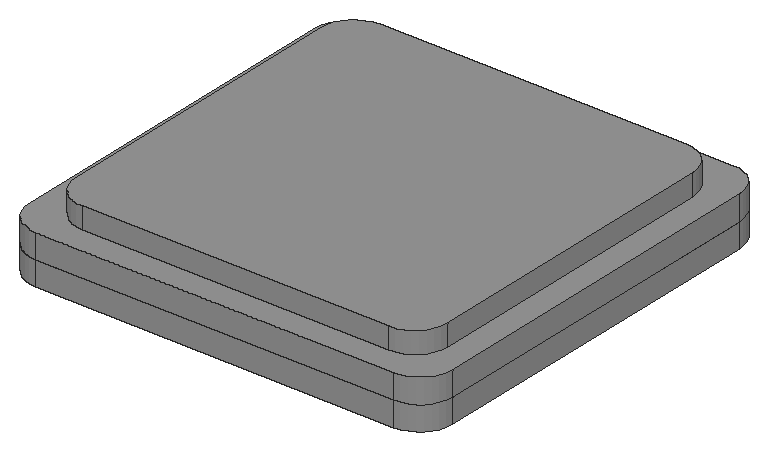
Revit family "FMS2_63_UN_Surface-mounted_ETK", category Lighting Fixtures, Revit 2019 (continued)
Definition of nested family "FMS.2 - Lightsource"
  Types (14, lengths in mm): name | Wattage Comments | Wattage | built-in parameter 1150134 | Photometric Web File | built-in parameter 1150142 | built-in parameter 1150105 | Lumens | built-in parameter 1150107 | built-in parameter 1150106 | Apparent Load
      917\t123.2377\t116.8268\t110.5018\t104.1768\t97.9949\t91.9274\t85.9745\t80.136\t74.3834\r\n69.2032\t64.2519\t59.3579\t54.5211\t49.7416\t42.1573\t24.6733\t7.1321\t0\t0\r\n0\r\n985.6728\t985.1004\t984.528\t983.9556\t983.3832\t982.8108\t982.2384\t981.3798\t980.5212\t979.6626\r\n978.804\t977.6592\t976.2282\t974.7972\t973.3662\t971.9352\t970.5042\t969.0732\t967.356\t965.925\r\n964.2078\t962.4906\t960.4872\t958.1976\t956.1942\t953.9046\t951.615\t948.753\t946.1772\t943.8876\r\n941.598\t938.736\t935.874\t933.012\t930.4362\t927.5742\t924.9984\t921.564\t918.4158\t914.9814\r\n911.8332\t908.3988\t904.6782\t901.2438\t897.5232\t893.8026\t890.3682\t886.6476\t882.6408\t878.9202\r\n875.1996\t871.1928\t867.186\t862.893\t858.3138\t853.4484\t848.2968\t843.4314\t838.2798\t833.4144\r\n828.2628\t823.3974\t818.2458\t812.808\t807.3702\t801.9324\t796.7808\t791.343\t785.619\t779.895\r\n774.4572\t769.0194\t763.0092\t757.2852\t751.5612\t745.8372\t739.827\t734.103\t728.0928\t722.0826\r\n716.0724\t710.0622\t704.052\t698.0418\t692.0316\t685.7352\t679.725\t673.4286\t667.1322\t660.5496\r\n654.2532\t647.9568\t641.6604\t635.364\t628.4952\t621.3402\t613.899\t606.744\t599.589\t592.434\r\n585.279\t577.5516\t570.1104\t562.9554\t555.8004\t548.3592\t540.6318\t533.1906\t525.7494\t518.5944\r\n511.1532\t503.712\t496.2708\t488.8296\t481.3884\t473.9472\t466.2198\t458.7786\t451.6236\t443.8962\r\n435.8826\t427.869\t419.8554\t411.8418\t403.8282\t396.1008\t388.3734\t380.3598\t372.3462\t364.6188\r\n356.8914\t349.164\t341.4366\t333.9954\t326.268\t318.8268\t311.0994\t302.7996\t294.2136\t286.0569\r\n277.8716\t269.8294\t261.8158\t253.888\t245.9889\t238.147\t230.391\t222.7208\t215.1652\t207.495\r\n199.9966\t192.584\t185.2859\t178.0736\t170.9186\t163.8495\t156.8662\t149.9974\t143.1286\t136.2884\r\n129.5341\t122.8657\t116.3117\t109.8149\t103.4041\t97.079\t90.983\t85.5166\t80.136\t74.7841\r\n69.4607\t64.1947\t58.9858\t53.777\t39.467\t24.1467\t8.7949\t0\t0\t0\r\n0\r\n985.6728\t985.1004\t984.2418\t983.6694\t983.097\t982.5246\t981.666\t981.0936\t980.235\t979.3764\r\n978.2316\t977.373\t975.942\t974.2248\t972.7938\t971.3628\t969.9318\t968.5008\t967.0698\t965.3526\r\n963.6354\t961.9182\t960.201\t957.9114\t955.908\t953.9046\t951.615\t949.0392\t946.4634\t943.8876\r\n941.598\t939.3084\t936.4464\t933.5844\t930.7224\t928.1466\t925.2846\t922.7088\t919.5606\t916.4124\r\n913.2642\t909.8298\t906.6816\t903.2472\t899.5266\t896.0922\t891.7992\t887.5062\t883.2132\t878.9202\r\n874.6272\t870.048\t865.4688\t861.1758\t856.3104\t851.445\t846.2934\t841.428\t836.5626\t831.411\r\n826.5456\t821.394\t816.2424\t811.377\t806.5116\t801.36\t795.9222\t790.4844\t785.3328\t780.1812\r\n774.7434\t769.3056\t763.8678\t758.43\t752.9922\t747.2682\t741.5442\t735.8202\t730.0962\t724.3722\r\n718.6482\t712.9242\t706.6278\t699.759\t693.1764\t686.3076\t679.725\t673.1424\t666.5598\t659.691\r\n652.8222\t645.9534\t639.0846\t631.9296\t625.0608\t618.192\t611.3232\t604.4544\t597.5856\t590.4306\r\n583.5618\t576.4068\t569.538\t562.6692\t555.5142\t548.3592\t541.2042\t534.3354\t526.8942\t519.1668\r\n511.7256\t503.712\t495.9846\t488.2572\t480.5298\t473.0886\t465.3612\t457.92\t450.1926\t442.4652\r\n434.7378\t427.2966\t419.5692\t412.4142\t404.973\t397.2456\t389.8044\t381.7908\t373.491\t365.1912\r\n357.1776\t348.8778\t340.8642\t332.5644\t324.837\t316.8234\t308.8098\t300.7962\t292.7826\t284.8549\r\n277.0988\t269.3714\t261.4437\t253.516\t245.6455\t237.8322\t230.1334\t222.5205\t214.9934\t207.5236\r\n200.1397\t192.7843\t185.4862\t178.1595\t170.8614\t163.6492\t156.4942\t149.425\t142.4131\t135.4585\r\n128.5897\t121.7781\t115.0524\t108.756\t102.9748\t97.2508\t91.5554\t85.8886\t80.2505\t74.6696\r\n69.1173\t63.5936\t53.5194\t39.3239\t25.1141\t10.8899\t0\t0\t0\t0\r\n0\r\n985.6728\t985.1004\t984.2418\t983.6694\t982.8108\t982.2384\t981.3798\t980.8074\t979.6626\t978.804\r\n977.9454\t976.8006\t975.6558\t973.9386\t972.5076\t971.0766\t969.6456\t968.2146\t966.7836\t965.0664\r\n963.3492\t961.632\t959.9148\t958.1976\t956.1942\t953.9046\t951.9012\t949.6116\t947.0358\t944.46\r\n941.8842\t939.5946\t937.305\t934.7292\t931.8672\t929.2914\t926.7156\t923.8536\t921.2778\t918.1296\r\n914.409\t910.4022\t906.3954\t902.3886\t898.3818\t894.0888\t889.7958\t885.5028\t881.2098\t876.9168\r\n872.6238\t868.617\t864.0378\t859.4586\t854.8794\t850.5864\t846.0072\t841.1418\t836.2764\t831.411\r\n826.8318\t822.2526\t817.101\t811.9494\t806.7978\t801.9324\t797.067\t792.2016\t787.6224\t782.1846\r\n776.7468\t771.5952\t766.7298\t761.0058\t754.7094\t748.1268\t741.8304\t735.534\t729.5238\t722.9412\r\n716.6448\t710.3484\t703.7658\t697.1832\t690.8868\t684.3042\t677.7216\t671.4252\t664.8426\t658.26\r\n651.6774\t645.0948\t638.5122\t632.2158\t625.347\t618.7644\t611.8956\t605.313\t598.7304\t591.5754\r\n584.4204\t576.9792\t569.538\t562.0968\t554.9418\t547.5006\t540.0594\t532.6182\t525.177\t518.022\r\n510.5808\t503.1396\t495.9846\t488.5434\t481.1022\t473.9472\t466.7922\t459.6372\t452.196\t444.4686\r\n436.1688\t428.1552\t419.8554\t411.8418\t403.542\t395.5284\t387.5148\t379.7874\t371.7738\t363.7602\r\n355.7466\t347.733\t340.0056\t332.2782\t324.5508\t316.8234\t308.5236\t300.51\t292.4964\t284.6259\r\n276.7268\t268.8563\t261.043\t253.287\t245.5882\t237.9467\t230.3624\t222.8639\t215.3369\t207.724\r\n200.1683\t192.6412\t185.1714\t177.7302\t170.3749\t163.0481\t155.7787\t148.5664\t141.44\t134.3137\r\n127.8169\t121.7209\t115.6534\t109.6432\t103.633\t97.6801\t91.7557\t85.86\t79.9929\t74.1544\r\n67.7435\t54.1777\t40.6118\t27.0373\t13.4571\t0\t0\t0\t0\t0\r\n0\r\n985.6728\t984.8142\t984.2418\t983.3832\t982.8108\t981.9522\t981.0936\t980.5212\t979.3764\t978.5178\r\n977.373\t976.2282\t975.3696\t973.9386\t972.5076\t970.7904\t969.3594\t967.9284\t966.4974\t965.0664\r\n963.3492\t961.632\t959.9148\t958.1976\t956.4804\t954.477\t952.4736\t950.4702\t948.1806\t945.6048\r\n943.3152\t940.7394\t938.4498\t936.1602\t933.8706\t930.4362\t926.7156\t923.2812\t919.5606\t915.84\r\n912.1194\t908.685\t904.6782\t900.9576\t896.9508\t892.944\t888.651\t884.6442\t880.6374\t876.3444\r\n872.0514\t867.7584\t863.4654\t859.4586\t855.1656\t850.8726\t846.2934\t841.7142\t837.4212\t832.842\r\n828.2628\t823.3974\t818.532\t814.239\t809.946\t805.3668\t799.0704\t793.0602\t787.05\t781.0398\r\n775.3158\t769.5918\t763.8678\t757.8576\t751.8474\t745.551\t739.827\t733.8168\t727.8066\t721.7964\r\n715.5\t709.2036\t703.1934\t696.897\t690.8868\t684.8766\t678.8664\t672.57\t666.2736\t659.9772\r\n653.6808\t646.812\t639.657\t632.502\t625.6332\t618.4782\t611.3232\t604.1682\t597.0132\t590.1444\r\n582.9894\t575.8344\t568.6794\t561.5244\t554.6556\t547.5006\t540.6318\t533.4768\t526.3218\t519.1668\r\n512.298\t505.143\t497.7018\t489.6882\t481.6746\t473.661\t465.6474\t457.92\t449.9064\t442.179\r\n434.4516\t426.438\t418.7106\t410.697\t402.9696\t395.2422\t387.5148\t379.7874\t372.06\t364.3326\r\n356.0328\t348.0192\t340.0056\t331.992\t323.9784\t315.9648\t307.9512\t300.2238\t292.2102\t284.4542\r\n276.7268\t269.028\t261.3865\t253.8022\t246.0175\t238.147\t230.3624\t222.5777\t214.879\t207.1802\r\n199.5673\t191.9543\t184.4273\t176.9002\t169.459\t162.0178\t154.6339\t147.8223\t141.44\t135.115\r\n128.79\t122.5222\t116.2544\t110.0439\t103.8334\t97.6801\t91.5268\t85.4021\t79.2774\t69.289\r\n56.1238\t42.93\t29.7362\t16.5509\t3.3571\t0\t0\t0\t0\t0\r\n0\r\n985.6728\t984.8142\t983.9556\t983.3832\t982.5246\t981.666\t980.8074\t979.9488\t979.0902\t978.2316\r\n977.0868\t975.942\t974.7972\t973.9386\t972.2214\t970.7904\t969.3594\t967.9284\t966.4974\t965.0664\r\n963.3492\t961.9182\t960.201\t958.4838\t956.7666\t955.0494\t953.3322\t951.3288\t949.3254\t947.322\r\n945.0324\t942.1704\t938.736\t935.3016\t931.8672\t928.719\t925.2846\t921.8502\t918.1296\t914.6952\r\n910.9746\t907.254\t903.5334\t899.8128\t896.0922\t892.3716\t888.3648\t884.6442\t880.6374\t876.6306\r\n872.3376\t868.3308\t864.324\t860.6034\t856.3104\t852.0174\t847.7244\t843.7176\t839.7108\t835.4178\r\n829.98\t824.256\t818.8182\t813.3804\t807.9426\t802.2186\t796.4946\t790.7706\t785.3328\t779.895\r\n774.4572\t768.447\t762.4368\t756.7128\t750.9888\t744.9786\t739.2546\t733.5306\t727.8066\t722.0826\r\n716.0724\t710.3484\t704.3382\t698.6142\t692.604\t686.0214\t678.8664\t671.9976\t665.415\t658.5462\r\n651.6774\t645.0948\t638.226\t631.6434\t624.7746\t617.9058\t611.037\t604.1682\t597.2994\t590.4306\r\n583.5618\t576.693\t570.1104\t563.2416\t556.659\t549.7902\t542.0628\t534.3354\t526.3218\t518.5944\r\n510.867\t503.1396\t495.4122\t487.971\t480.2436\t472.5162\t464.7888\t457.0614\t449.334\t441.6066\r\n434.1654\t426.7242\t418.9968\t411.5556\t403.542\t395.5284\t387.5148\t379.5012\t371.4876\t363.474\r\n355.7466\t347.733\t339.7194\t331.992\t323.9784\t316.251\t308.5236\t300.7962\t293.0688\t285.2842\r\n277.385\t269.3428\t261.3578\t253.4301\t245.531\t237.6891\t229.8472\t222.0626\t214.2779\t206.5505\r\n198.8518\t191.1816\t183.5687\t175.9558\t168.6863\t162.0464\t155.4638\t148.8812\t142.3559\t135.8305\r\n129.3338\t122.8657\t116.4262\t109.9867\t103.5758\t97.1935\t90.8113\t84.4576\t71.9507\t59.0144\r\n46.0782\t33.142\t20.2143\t7.2781\t0\t0\t0\t0\t0\t0\r\n0\r\n985.6728\t984.8142\t983.9556\t983.097\t982.2384\t981.3798\t980.5212\t979.6626\t978.804\t977.9454\r\n976.8006\t975.6558\t974.511\t973.6524\t972.5076\t971.0766\t969.6456\t967.9284\t966.4974\t965.0664\r\n963.6354\t962.2044\t960.7734\t959.0562\t957.339\t955.908\t954.1908\t952.4736\t950.4702\t947.6082\r\n944.46\t941.3118\t937.8774\t934.443\t931.0086\t927.5742\t924.1398\t920.7054\t917.271\t913.8366\r\n910.4022\t906.9678\t903.2472\t899.8128\t896.0922\t892.3716\t888.651\t884.9304\t881.2098\t877.4892\r\n873.7686\t869.7618\t866.0412\t862.0344\t858.0276\t853.1622\t848.2968\t843.1452\t838.2798\t832.842\r\n827.6904\t822.5388\t817.101\t811.9494\t806.5116\t801.0738\t795.636\t790.1982\t784.7604\t779.3226\r\n773.8848\t768.447\t763.0092\t757.5714\t752.1336\t746.4096\t740.9718\t735.2478\t729.81\t723.5136\r\n716.931\t710.3484\t703.7658\t697.1832\t690.6006\t684.018\t677.4354\t670.8528\t664.5564\t657.9738\r\n651.3912\t644.8086\t638.226\t631.3572\t624.7746\t618.192\t611.8956\t605.313\t598.7304\t592.1478\r\n585.279\t577.8378\t570.1104\t562.6692\t555.228\t547.7868\t540.0594\t532.6182\t525.177\t517.4496\r\n510.0084\t502.281\t494.8398\t487.3986\t479.9574\t472.8024\t465.3612\t457.92\t450.4788\t442.7514\r\n434.7378\t426.7242\t418.7106\t410.697\t402.6834\t394.956\t386.9424\t378.9288\t371.2014\t363.474\r\n355.4604\t347.733\t340.0056\t332.2782\t324.5508\t316.8234\t308.8098\t300.7962\t292.7826\t284.7404\r\n276.7554\t268.7704\t260.8427\t252.9149\t245.0444\t237.1739\t229.3321\t221.4902\t213.6769\t205.8923\r\n198.1076\t190.3516\t183.3683\t176.5568\t169.7738\t162.9909\t156.2652\t149.5395\t142.8424\t136.1453\r\n129.5055\t122.8657\t116.2258\t109.6146\t103.0034\t96.4208\t88.5217\t75.7285\t62.9354\t50.1422\r\n37.3491\t24.556\t11.7657\t0\t0\t0\t0\t0\t0\t0\r\n0\r\n985.6728\t984.8142\t983.9556\t983.097\t982.2384\t981.3798\t980.5212\t979.6626\t978.804\t977.6592\r\n976.8006\t975.6558\t974.511\t973.3662\t972.2214\t971.0766\t969.6456\t968.2146\t967.0698\t965.6388\r\n964.2078\t962.4906\t961.0596\t959.6286\t958.1976\t956.7666\t955.0494\t952.1874\t949.0392\t946.1772\r\n943.029\t940.167\t937.0188\t933.8706\t930.7224\t927.288\t923.8536\t920.4192\t917.271\t913.8366\r\n910.4022\t906.9678\t903.5334\t900.099\t896.6646\t893.2302\t889.7958\t886.3614\t882.6408\t878.9202\r\n875.1996\t871.1928\t866.3274\t861.462\t856.5966\t851.7312\t846.5796\t841.7142\t836.5626\t831.411\r\n826.2594\t821.394\t816.2424\t811.0908\t806.2254\t801.0738\t795.9222\t790.7706\t785.619\t780.1812\r\n774.7434\t769.5918\t764.154\t759.0024\t753.5646\t747.2682\t740.9718\t734.6754\t728.379\t722.0826\r\n715.7862\t709.4898\t703.1934\t696.897\t690.3144\t684.018\t677.4354\t671.139\t664.8426\t658.26\r\n651.9636\t645.6672\t639.3708\t633.0744\t626.4918\t620.1954\t613.0404\t605.5992\t598.4442\t591.003\r\n583.5618\t576.4068\t568.9656\t561.5244\t554.0832\t546.642\t539.487\t532.0458\t524.6046\t517.4496\r\n510.0084\t502.8534\t495.4122\t488.2572\t480.816\t473.3748\t465.3612\t457.6338\t449.6202\t441.8928\r\n433.8792\t426.1518\t418.1382\t410.4108\t402.3972\t394.6698\t386.6562\t378.9288\t371.2014\t363.474\r\n355.7466\t348.0192\t340.578\t332.5644\t324.2646\t316.251\t308.2374\t300.2238\t292.2102\t284.1394\r\n276.183\t268.2266\t260.2703\t252.3425\t244.4148\t236.4871\t228.5879\t220.6888\t212.8183\t205.0909\r\n198.1363\t191.1816\t184.2556\t177.3295\t170.4321\t163.5633\t156.6945\t149.8257\t143.0141\t136.174\r\n129.3624\t122.5795\t115.7965\t109.0136\t102.2306\t93.1867\t80.4794\t67.7722\t55.0649\t42.3576\r\n29.6217\t16.9259\t4.2129\t0\t0\t0\t0\t0\t0\t0\r\n0\r\n985.6728\t984.8142\t983.9556\t983.097\t981.9522\t981.0936\t980.235\t979.3764\t978.5178\t977.6592\r\n976.5144\t975.6558\t974.511\t973.3662\t972.2214\t971.0766\t969.9318\t968.787\t967.356\t965.925\r\n964.7802\t963.3492\t961.9182\t960.4872\t959.0562\t956.7666\t953.9046\t951.0426\t948.1806\t945.0324\r\n942.1704\t939.0222\t936.1602\t933.012\t930.15\t927.0018\t923.8536\t920.7054\t917.5572\t914.1228\r\n910.9746\t907.5402\t904.392\t900.9576\t897.8094\t894.375\t891.2268\t887.7924\t884.0718\t879.2064\r\n874.6272\t869.7618\t865.1826\t860.3172\t855.4518\t850.5864\t845.721\t840.5694\t835.704\t831.1248\r\n826.2594\t821.394\t816.5286\t811.6632\t806.5116\t801.36\t796.4946\t791.6292\t786.4776\t781.6122\r\n776.4606\t770.7366\t764.7264\t758.43\t752.4198\t746.4096\t740.1132\t734.103\t727.8066\t721.5102\r\n715.2138\t708.9174\t702.9072\t696.6108\t690.3144\t684.3042\t678.0078\t671.9976\t665.7012\t659.691\r\n653.6808\t647.3844\t640.5156\t633.3606\t626.2056\t619.0506\t611.6094\t604.4544\t597.2994\t589.8582\r\n582.7032\t575.5482\t568.3932\t561.2382\t554.0832\t546.9282\t539.7732\t532.6182\t525.4632\t518.5944\r\n511.4394\t503.9982\t496.2708\t488.2572\t480.2436\t472.5162\t464.7888\t456.7752\t449.0478\t441.3204\r\n433.593\t425.8656\t418.1382\t410.4108\t402.6834\t394.956\t387.2286\t379.5012\t371.7738\t364.3326\r\n356.319\t348.0192\t340.0056\t331.992\t323.6922\t315.6786\t307.665\t299.6514\t291.6378\t283.6528\r\n275.6678\t267.6829\t259.7265\t251.7701\t243.8138\t235.886\t227.9869\t220.2595\t213.1904\t206.1212\r\n199.0807\t192.0402\t184.9997\t177.9878\t170.9759\t163.964\t156.9521\t149.9688\t142.9855\t136.0309\r\n129.0762\t122.1215\t115.1955\t108.2408\t98.8249\t86.1462\t73.4675\t60.8175\t48.1388\t35.4888\r\n22.8187\t10.1544\t0\t0\t0\t0\t0\t0\t0\t0\r\n0\r\n985.6728\t984.8142\t983.9556\t982.8108\t981.9522\t981.0936\t980.235\t979.3764\t978.2316\t977.373\r\n976.5144\t975.6558\t974.511\t973.3662\t972.2214\t971.0766\t969.9318\t968.787\t967.6422\t966.4974\r\n965.3526\t963.9216\t962.7768\t961.3458\t958.77\t955.908\t953.046\t950.184\t947.322\t944.1738\r\n941.3118\t938.4498\t935.5878\t932.7258\t929.5776\t926.7156\t923.5674\t920.7054\t917.5572\t914.6952\r\n911.547\t908.3988\t905.2506\t902.1024\t898.9542\t895.806\t891.7992\t887.22\t882.6408\t878.0616\r\n873.4824\t868.9032\t864.324\t859.4586\t854.8794\t850.014\t845.1486\t840.5694\t835.704\t831.1248\r\n826.5456\t821.6802\t817.101\t812.2356\t807.3702\t802.5048\t797.6394\t792.774\t787.3362\t781.6122\r\n775.602\t769.878\t763.8678\t757.5714\t751.5612\t745.551\t739.5408\t733.5306\t727.5204\t721.5102\r\n715.5\t709.776\t703.7658\t697.7556\t691.4592\t685.449\t679.4388\t673.4286\t667.7046\t660.8358\r\n653.6808\t646.5258\t639.3708\t632.2158\t625.0608\t618.192\t611.037\t603.882\t596.727\t589.8582\r\n582.7032\t575.8344\t568.6794\t561.8106\t554.6556\t547.5006\t540.6318\t533.4768\t526.608\t518.8806\r\n510.867\t503.1396\t495.4122\t487.6848\t479.9574\t472.23\t464.5026\t456.7752\t449.0478\t441.3204\r\n433.593\t426.1518\t418.4244\t410.697\t402.9696\t395.5284\t387.801\t380.0736\t371.7738\t363.7602\r\n355.7466\t347.733\t339.4332\t331.4196\t323.406\t315.3924\t307.3788\t299.3652\t291.3516\t283.3666\r\n275.3816\t267.3967\t259.4403\t251.4553\t243.499\t235.5712\t228.3876\t221.2612\t214.1062\t206.9798\r\n199.8535\t192.7557\t185.6579\t178.5602\t171.4624\t164.3933\t157.3241\t150.255\t143.1859\t136.1453\r\n129.0762\t122.0357\t115.0238\t105.9226\t93.1867\t80.4794\t67.7722\t55.0649\t42.3576\t29.6503\r\n16.9516\t4.2472\t0\t0\t0\t0\t0\t0\t0\t0\r\n0\r\n985.6728\t984.8142\t983.9556\t982.8108\t981.9522\t981.0936\t980.235\t979.0902\t978.2316\t977.373\r\n976.2282\t975.3696\t974.511\t973.6524\t972.5076\t971.649\t970.218\t969.0732\t967.9284\t966.7836\r\n965.6388\t964.494\t963.3492\t960.4872\t957.9114\t955.0494\t952.4736\t949.6116\t946.7496\t944.1738\r\n941.0256\t938.1636\t935.3016\t932.4396\t929.5776\t926.7156\t923.8536\t920.7054\t917.8434\t914.9814\r\n912.1194\t908.9712\t906.1092\t902.961\t899.8128\t895.2336\t890.9406\t886.3614\t882.0684\t877.4892\r\n872.91\t868.3308\t863.7516\t859.4586\t854.8794\t850.3002\t845.721\t840.8556\t836.2764\t831.6972\r\n827.118\t822.5388\t817.9596\t813.0942\t808.515\t803.9358\t797.9256\t792.2016\t786.1914\t780.1812\r\n774.4572\t768.7332\t762.723\t756.999\t751.275\t745.2648\t739.5408\t733.5306\t727.5204\t721.7964\r\n715.7862\t710.0622\t704.052\t698.328\t692.3178\t686.3076\t680.0112\t673.1424\t665.9874\t659.1186\r\n652.2498\t645.381\t638.226\t631.3572\t624.4884\t617.6196\t610.7508\t603.882\t596.727\t589.8582\r\n582.9894\t576.1206\t568.9656\t562.0968\t555.228\t548.073\t540.918\t533.1906\t525.4632\t518.022\r\n510.2946\t502.5672\t494.8398\t487.1124\t479.6712\t471.9438\t464.2164\t456.7752\t449.0478\t441.6066\r\n433.8792\t426.438\t418.7106\t411.2694\t403.542\t395.8146\t387.801\t379.7874\t371.4876\t363.474\r\n355.4604\t347.4468\t339.4332\t331.4196\t323.406\t315.3924\t307.3788\t299.3652\t291.3516\t283.2235\r\n275.2099\t267.1963\t259.2113\t251.2264\t243.6421\t236.4012\t229.189\t221.9767\t214.7645\t207.5522\r\n200.3686\t193.185\t186.0014\t178.8178\t171.6341\t164.4791\t157.2955\t150.1405\t143.0141\t135.8591\r\n128.7041\t121.5778\t113.5642\t100.8569\t88.121\t75.4137\t62.7064\t49.9991\t37.2919\t24.5674\r\n11.8573\t0\t0\t0\t0\t0\t0\t0\t0\t0\r\n0\r\n985.6728\t984.8142\t983.6694\t982.8108\t981.9522\t981.0936\t980.235\t979.0902\t978.2316\t977.373\r\n976.2282\t975.3696\t974.2248\t973.3662\t972.5076\t971.649\t970.5042\t969.6456\t968.787\t967.6422\r\n966.4974\t965.3526\t962.7768\t960.201\t957.339\t954.477\t951.9012\t949.0392\t946.4634\t943.6014\r\n941.0256\t938.1636\t935.3016\t932.7258\t929.8638\t927
